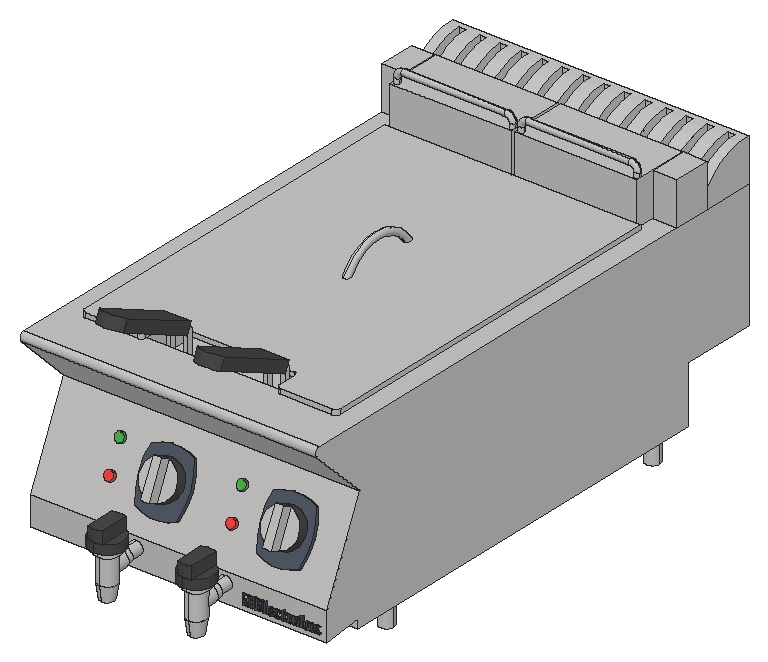
Revit family "QF_ELECTROLUXPROFESSIONAL_371074_E7FRED2A00", category Specialty Equipment, Revit 2018 (continued)
Automatic sketch dimensions
  plane 5 "FRONT" to Extrusion 42 sketch curve = 1.377 mm  (x2)
  plane 4 "RIGHT" to Extrusion 42 sketch curve = 150.019 mm
  Extrusion 42 sketch curve to plane 1 "BACK" = 150.019 mm
  curve 120 to curve 121 = 0 mm  (x2)
  curve 122 to curve 123 = 0 mm  (x2)
  curve 82 to plane 4 "RIGHT" = 0 mm
  curve 124 to plane 3 "LEFT" = 0 mm
  curve 81 to plane 3 "LEFT" = 0 mm
  plane 1 "BACK" to curve 4 = 0 mm
  plane 4 "RIGHT" to curve 3 = 150.019 mm
  curve 12 to plane 4 "RIGHT" = 13.453 mm
  curve 12 to curve 14 = 9.296 mm
  plane 12 to curve 76 = 0.124 mm
  curve 76 to plane 4 "RIGHT" = 26.988 mm
  curve 76 to curve 89 = 4.762 mm
  plane 12 to curve 88 = 0.124 mm
  curve 76 to curve 88 = 6.35 mm
  curve 75 to curve 74 = 6.35 mm
  curve 86 to curve 137 = 4.26 mm
  plane 1 "BACK" to curve 60 = 6.761 mm
  curve 14 to curve 60 = 18.693 mm
  curve 60 to curve 63 = 9.296 mm
  plane 1 "BACK" to curve 56 = 6.761 mm
  curve 62 to curve 56 = 18.693 mm
  curve 56 to curve 58 = 9.296 mm
  plane 1 "BACK" to curve 52 = 6.761 mm
  curve 58 to curve 52 = 18.693 mm
  curve 75 to curve 73 = 69.85 mm
  curve 52 to curve 53 = 9.296 mm
  curve 73 to curve 72 = 6.35 mm
  plane 5 "FRONT" to curve 94 = 17.411 mm
  plane 7 "Center Y" to curve 94 = 84.555 mm
  curve 71 to curve 71 = 6.35 mm
  curve 94 to curve 123 = 2.624 mm
  curve 70 to curve 111 = 3.662 mm
  curve 111 to curve 112 = 5.857 mm
  plane 1 "BACK" to curve 48 = 6.761 mm
  curve 54 to curve 48 = 18.693 mm
  curve 123 to curve 129 = 8.805 mm
  plane 5 "FRONT" to curve 94 = 6.687 mm
  curve 115 to curve 94 = 18.617 mm
  curve 115 to plane 5 "FRONT" = 0.025 mm
  curve 115 to curve 94 = 0 mm
  curve 48 to curve 50 = 9.296 mm
  curve 129 to curve 123 = 9.626 mm
  curve 113 to curve 108 = 17.363 mm
  curve 122 to curve 128 = 9.626 mm
  curve 108 to curve 110 = 5.857 mm
  curve 128 to curve 122 = 6.458 mm
  curve 122 to curve 93 = 0.096 mm
  plane 1 "BACK" to curve 44 = 6.761 mm
  curve 50 to curve 44 = 18.693 mm
  curve 125 to curve 115 = 3.442 mm
  curve 115 to curve 94 = 3.442 mm
  curve 44 to curve 46 = 9.296 mm
  plane 1 "BACK" to curve 43 = 6.761 mm
  plane 7 "Center Y" to curve 43 = 18.642 mm
  curve 40 to curve 43 = 9.296 mm
  plane 7 "Center Y" to curve 135 = 5.848 mm
  plane 7 "Center Y" to curve 117 = 4.443 mm
  plane 7 "Center Y" to curve 86 = 1.587 mm
  curve 119 to plane 7 "Center Y" = 0.006 mm
  curve 84 to plane 7 "Center Y" = 1.588 mm
  curve 84 to curve 133 = 4.26 mm
  curve 37 to plane 7 "Center Y" = 9.346 mm
  curve 36 to curve 38 = 9.296 mm
  curve 37 to curve 33 = 18.693 mm
  curve 114 to plane 5 "FRONT" = 0.025 mm
  curve 114 to plane 7 "Center Y" = 43.878 mm
  curve 98 to curve 114 = 0 mm
  curve 32 to curve 34 = 9.296 mm
  curve 98 to curve 114 = 3.442 mm
  curve 95 to curve 126 = 0.205 mm
  curve 95 to curve 105 = 4.079 mm
  curve 126 to curve 120 = 9.626 mm
  curve 105 to curve 107 = 5.857 mm
  curve 33 to curve 28 = 18.693 mm
  plane 5 "FRONT" to curve 98 = 6.687 mm
  curve 114 to curve 98 = 18.617 mm
  curve 114 to curve 98 = 0 mm
  curve 120 to curve 127 = 9.626 mm
  curve 28 to curve 30 = 9.296 mm
  curve 106 to curve 102 = 17.363 mm
  curve 127 to curve 121 = 10.649 mm
  curve 102 to curve 103 = 5.857 mm
  curve 103 to curve 70 = 3.662 mm
  plane 5 "FRONT" to curve 114 = 10.698 mm
  curve 121 to curve 114 = 7.129 mm
  curve 69 to curve 68 = 6.35 mm
  curve 29 to curve 25 = 18.693 mm
  curve 67 to curve 67 = 6.35 mm
  curve 24 to curve 27 = 9.296 mm
  plane 1 "BACK" to curve 20 = 6.761 mm
  curve 26 to curve 20 = 18.693 mm
  curve 20 to curve 22 = 9.296 mm
  curve 21 to curve 16 = 18.693 mm
  curve 16 to curve 19 = 9.296 mm
  curve 130 to plane 12 = 10.711 mm
  plane 3 "LEFT" to curve 130 = 37.598 mm
  curve 17 to curve 83 = 8.104 mm
  plane 3 "LEFT" to curve 65 = 33.338 mm
  curve 83 to curve 80 = 1.588 mm
  curve 83 to curve 77 = 6.35 mm
  curve 79 to curve 9 = 9.001 mm
  curve 8 to curve 10 = 9.296 mm
  plane 5 "FRONT" to curve 1 = 1.377 mm
  curve 1 to plane 3 "LEFT" = 150.019 mm
  curve 1 to plane 1 "BACK" = 150.019 mm
  plane 1 "BACK" to curve 8 = 6.761 mm
  plane 1 "BACK" to curve 12 = 6.761 mm
  plane 1 "BACK" to curve 16 = 6.761 mm
  plane 1 "BACK" to curve 24 = 6.761 mm
  plane 1 "BACK" to curve 39 = 6.761 mm
  plane 1 "BACK" to curve 28 = 6.761 mm
  plane 1 "BACK" to curve 35 = 6.761 mm
  curve 32 to curve 33 = 57.15 mm
  curve 30 to curve 33 = 0 mm
  curve 32 to curve 36 = 0 mm
  curve 26 to curve 29 = 0 mm
  curve 36 to curve 40 = 0 mm
  curve 22 to curve 25 = 0 mm
  curve 40 to curve 44 = 0 mm
  curve 18 to curve 21 = 0 mm
  curve 44 to curve 48 = 0 mm
  curve 14 to curve 14 = 57.15 mm
  curve 48 to curve 52 = 0 mm
  curve 10 to curve 17 = 0 mm
  curve 52 to curve 56 = 0 mm
  curve 56 to curve 62 = 0 mm
  curve 13 to curve 89 = 5.939 mm
  curve 79 to curve 83 = 0 mm
  curve 78 to curve 130 = 16.277 mm
  curve 89 to plane 12 = 26.988 mm
  curve 134 to plane 12 = 10.711 mm
  curve 132 to plane 12 = 3.056 mm
  curve 137 to plane 12 = 3.056 mm
  curve 87 to curve 84 = 0 mm
  plane 8 "Center X" to curve 119 = 38.031 mm
  curve 118 to plane 8 "Center X" = 63.432 mm
  plane 11 to curve 70 = 26.127 mm
  curve 70 to curve 106 = 3.174 mm
  curve 70 to curve 104 = 3.174 mm
  plane 11 to curve 109 = 29.302 mm
  curve 70 to curve 111 = 3.174 mm
  curve 71 to curve 92 = 3.087 mm
  curve 106 to curve 107 = 6.263 mm
  curve 96 to curve 68 = 22.313 mm
  curve 91 to curve 100 = 22.313 mm
  curve 92 to curve 99 = 22.313 mm
  curve 7 to plane 5 "FRONT" = 0.483 mm
  curve 124 to plane 5 "FRONT" = 0.483 mm
  curve 125 to plane 5 "FRONT" = 0.483 mm
  plane 5 "FRONT" to curve 3 = 1.377 mm
  curve 115 to curve 91 = 6.713 mm
  curve 114 to curve 120 = 2.264 mm
  curve 120 to curve 98 = 4.449 mm
  curve 93 to curve 122 = 0.136 mm
  curve 98 to curve 126 = 0.138 mm
  curve 122 to curve 128 = 7.209 mm
  curve 123 to curve 129 = 5.031 mm
  curve 121 to curve 127 = 2.78 mm
  plane 9 "BASE" to Extrusion 43 sketch curve = 9.251 mm
  plane 9 "BASE" to Extrusion 43 sketch curve = 14.292 mm
  plane 9 "BASE" to Extrusion 43 sketch curve = 14.311 mm
  Extrusion 43 sketch curve to Extrusion 43 sketch curve = 0 mm  (x28)
  Extrusion 43 sketch curve to Extrusion 43 sketch curve = 5.108 mm  (x2)
  Extrusion 43 sketch curve to Extrusion 43 sketch curve = 0.054 mm
  Extrusion 43 sketch curve to Extrusion 43 sketch curve = 0.218 mm
  Extrusion 43 sketch curve to Extrusion 43 sketch curve = 0.195 mm
  Extrusion 43 sketch curve to Extrusion 43 sketch curve = 0.249 mm
  plane 9 "BASE" to Extrusion 43 sketch curve = 14.608 mm
  Extrusion 43 sketch curve to Extrusion 43 sketch curve = 0.087 mm
  Extrusion 43 sketch curve to Extrusion 43 sketch curve = 0.358 mm
  Extrusion 43 sketch curve to Extrusion 43 sketch curve = 0.481 mm
  Extrusion 43 sketch curve to Extrusion 43 sketch curve = 0.597 mm
  Extrusion 43 sketch curve to Extrusion 43 sketch curve = 0.544 mm
  Extrusion 43 sketch curve to Extrusion 43 sketch curve = 0.936 mm
  Extrusion 43 sketch curve to Extrusion 43 sketch curve = 0.594 mm
  Extrusion 43 sketch curve to Extrusion 43 sketch curve = 0.343 mm
  Extrusion 43 sketch curve to Extrusion 43 sketch curve = 0.159 mm
  Extrusion 43 sketch curve to Extrusion 43 sketch curve = 0.826 mm
  Extrusion 43 sketch curve to Extrusion 43 sketch curve = 0.839 mm
  Extrusion 43 sketch curve to Extrusion 43 sketch curve = 0.852 mm
  Extrusion 43 sketch curve to Extrusion 43 sketch curve = 0.887 mm
  Extrusion 43 sketch curve to Extrusion 43 sketch curve = 0.928 mm
  Extrusion 43 sketch curve to Extrusion 43 sketch curve = 0.938 mm
  Extrusion 43 sketch curve to Extrusion 43 sketch curve = 0.444 mm
  Extrusion 43 sketch curve to Extrusion 43 sketch curve = 1.11 mm  (x3)
  Extrusion 43 sketch curve to Extrusion 43 sketch curve = 0.215 mm
  Extrusion 43 sketch curve to Extrusion 43 sketch curve = 1.43 mm
  Extrusion 43 sketch curve to Extrusion 43 sketch curve = 1.188 mm
  Extrusion 43 sketch curve to Extrusion 43 sketch curve = 1.21 mm  (x2)
  Extrusion 43 sketch curve to Extrusion 43 sketch curve = 0.503 mm
  Extrusion 43 sketch curve to Extrusion 43 sketch curve = 0.488 mm
  Extrusion 43 sketch curve to plane 4 "RIGHT" = 8.187 mm
  Extrusion 43 sketch curve to Extrusion 43 sketch curve = 0.462 mm
  Extrusion 43 sketch curve to Extrusion 43 sketch curve = 1.386 mm
  Extrusion 43 sketch curve to Extrusion 43 sketch curve = 1.742 mm
  Extrusion 43 sketch curve to Extrusion 43 sketch curve = 0.821 mm
  Extrusion 43 sketch curve to Extrusion 43 sketch curve = 0.497 mm
  Extrusion 43 sketch curve to Extrusion 43 sketch curve = 0.539 mm
  Extrusion 43 sketch curve to Extrusion 43 sketch curve = 0.686 mm
  Extrusion 43 sketch curve to Extrusion 43 sketch curve = 0.408 mm
  Extrusion 43 sketch curve to Extrusion 43 sketch curve = 0.743 mm
  Extrusion 43 sketch curve to Extrusion 43 sketch curve = 1.16 mm
  Extrusion 43 sketch curve to Extrusion 43 sketch curve = 0.329 mm
  Extrusion 43 sketch curve to Extrusion 43 sketch curve = 1.054 mm
  Extrusion 43 sketch curve to Extrusion 43 sketch curve = 1.056 mm
  Extrusion 43 sketch curve to Extrusion 43 sketch curve = 0.129 mm
  Extrusion 43 sketch curve to Extrusion 43 sketch curve = 0.489 mm
  Extrusion 43 sketch curve to Extrusion 43 sketch curve = 0.441 mm
  Extrusion 43 sketch curve to Extrusion 43 sketch curve = 1.151 mm
  Extrusion 43 sketch curve to Extrusion 43 sketch curve = 1.141 mm  (x2)
  Extrusion 43 sketch curve to Extrusion 43 sketch curve = 0.768 mm
  Extrusion 43 sketch curve to Extrusion 43 sketch curve = 1.653 mm
  Extrusion 43 sketch curve to Extrusion 43 sketch curve = 0.499 mm
  Extrusion 43 sketch curve to Extrusion 43 sketch curve = 0.964 mm
  Extrusion 43 sketch curve to Extrusion 43 sketch curve = 0.949 mm
  Extrusion 43 sketch curve to Extrusion 43 sketch curve = 1.345 mm  (x3)
  Extrusion 43 sketch curve to Extrusion 43 sketch curve = 1.101 mm
  Extrusion 43 sketch curve to Extrusion 43 sketch curve = 0.432 mm
  Extrusion 43 sketch curve to Extrusion 43 sketch curve = 1.142 mm
  Extrusion 43 sketch curve to Extrusion 43 sketch curve = 0.959 mm
  Extrusion 43 sketch curve to Extrusion 43 sketch curve = 0.176 mm
  Extrusion 43 sketch curve to Extrusion 43 sketch curve = 0.728 mm
  Extrusion 43 sketch curve to Extrusion 43 sketch curve = 3.375 mm  (x2)
  Extrusion 43 sketch curve to Extrusion 43 sketch curve = 0.541 mm
  Extrusion 43 sketch curve to Extrusion 43 sketch curve = 0.955 mm
  Extrusion 43 sketch curve to Extrusion 43 sketch curve = 1.251 mm
  Extrusion 43 sketch curve to Extrusion 43 sketch curve = 0.572 mm
  Extrusion 43 sketch curve to Extrusion 43 sketch curve = 1.92 mm
  Extrusion 43 sketch curve to Extrusion 43 sketch curve = 1.224 mm
  Extrusion 43 sketch curve to Extrusion 43 sketch curve = 0.745 mm
  Extrusion 43 sketch curve to Extrusion 43 sketch curve = 2.537 mm
  Extrusion 43 sketch curve to Extrusion 43 sketch curve = 0.896 mm  (x3)
  Extrusion 43 sketch curve to Extrusion 43 sketch curve = 0.036 mm
  Extrusion 43 sketch curve to Extrusion 43 sketch curve = 2.607 mm
  Extrusion 43 sketch curve to Extrusion 43 sketch curve = 0.066 mm
  Extrusion 43 sketch curve to Extrusion 43 sketch curve = 0.248 mm
  Extrusion 43 sketch curve to Extrusion 43 sketch curve = 0.449 mm
  Extrusion 43 sketch curve to Extrusion 43 sketch curve = 1.052 mm
  Extrusion 43 sketch curve to Extrusion 43 sketch curve = 1.863 mm
  Extrusion 43 sketch curve to Extrusion 43 sketch curve = 1.31 mm  (x2)
  Extrusion 43 sketch curve to Extrusion 43 sketch curve = 0.901 mm
  Extrusion 43 sketch curve to Extrusion 43 sketch curve = 1.107 mm
  Extrusion 43 sketch curve to Extrusion 43 sketch curve = 2.122 mm
  Extrusion 43 sketch curve to Extrusion 43 sketch curve = 2.101 mm
  Extrusion 43 sketch curve to Extrusion 43 sketch curve = 0.106 mm
  Extrusion 43 sketch curve to Extrusion 43 sketch curve = 0.029 mm
  Extrusion 43 sketch curve to Extrusion 43 sketch curve = 2.09 mm
  Extrusion 43 sketch curve to Extrusion 43 sketch curve = 1.279 mm
  Extrusion 43 sketch curve to Extrusion 43 sketch curve = 2.008 mm
  Extrusion 43 sketch curve to Extrusion 43 sketch curve = 0.738 mm
  Extrusion 43 sketch curve to Extrusion 43 sketch curve = 0.382 mm
  Extrusion 43 sketch curve to Extrusion 43 sketch curve = 0.384 mm
  Extrusion 43 sketch curve to Extrusion 43 sketch curve = 0.002 mm
  Extrusion 43 sketch curve to Extrusion 43 sketch curve = 0.561 mm
  Extrusion 43 sketch curve to Extrusion 43 sketch curve = 0.592 mm
  Extrusion 43 sketch curve to Extrusion 43 sketch curve = 2.692 mm
  Extrusion 43 sketch curve to Extrusion 43 sketch curve = 1.259 mm
  Extrusion 43 sketch curve to Extrusion 43 sketch curve = 0.802 mm
  Extrusion 43 sketch curve to Extrusion 43 sketch curve = 1.024 mm  (x2)
  Extrusion 43 sketch curve to Extrusion 43 sketch curve = 0.682 mm
  Extrusion 43 sketch curve to Extrusion 43 sketch curve = 5.934 mm
  Extrusion 43 sketch curve to Extrusion 43 sketch curve = 2.186 mm
  Extrusion 43 sketch curve to Extrusion 43 sketch curve = 0.337 mm
  Extrusion 43 sketch curve to Extrusion 43 sketch curve = 0.021 mm
  Extrusion 43 sketch curve to Extrusion 43 sketch curve = 1.005 mm
  Extrusion 43 sketch curve to Extrusion 43 sketch curve = 0.552 mm
  Extrusion 43 sketch curve to Extrusion 43 sketch curve = 0.778 mm
  Extrusion 43 sketch curve to Extrusion 43 sketch curve = 0.063 mm
  Extrusion 43 sketch curve to Extrusion 43 sketch curve = 1.023 mm
  Extrusion 43 sketch curve to Extrusion 43 sketch curve = 3.804 mm
  Extrusion 43 sketch curve to Extrusion 43 sketch curve = 0.486 mm
  Extrusion 43 sketch curve to Extrusion 43 sketch curve = 0.266 mm
  Extrusion 43 sketch curve to Extrusion 43 sketch curve = 1.547 mm
  Extrusion 43 sketch curve to Extrusion 43 sketch curve = 0.717 mm  (x2)
  Extrusion 43 sketch curve to Extrusion 43 sketch curve = 1.667 mm
  Extrusion 43 sketch curve to Extrusion 43 sketch curve = 3.174 mm
  Extrusion 43 sketch curve to Extrusion 43 sketch curve = 0.388 mm
  Extrusion 43 sketch curve to Extrusion 43 sketch curve = 1.342 mm
  Extrusion 43 sketch curve to plane 4 "RIGHT" = 10.974 mm
  Extrusion 43 sketch curve to Extrusion 43 sketch curve = 1.521 mm
  Extrusion 43 sketch curve to plane 4 "RIGHT" = 9.415 mm
  Extrusion 43 sketch curve to Extrusion 43 sketch curve = 0.124 mm
  Extrusion 43 sketch curve to Extrusion 43 sketch curve = 0.291 mm
  Extrusion 43 sketch curve to Extrusion 43 sketch curve = 1.049 mm  (x2)
  Extrusion 43 sketch curve to Extrusion 43 sketch curve = 1.7 mm
  Extrusion 43 sketch curve to Extrusion 43 sketch curve = 0.894 mm
  Extrusion 43 sketch curve to Extrusion 43 sketch curve = 0.989 mm
  Extrusion 43 sketch curve to Extrusion 43 sketch curve = 1.168 mm
  Extrusion 43 sketch curve to Extrusion 43 sketch curve = 1.594 mm
  Extrusion 43 sketch curve to Extrusion 43 sketch curve = 0.731 mm
  Extrusion 43 sketch curve to Extrusion 43 sketch curve = 1.566 mm
  Extrusion 43 sketch curve to Extrusion 43 sketch curve = 0.064 mm
  Extrusion 43 sketch curve to Extrusion 43 sketch curve = 0.556 mm  (x2)
  Extrusion 43 sketch curve to Extrusion 43 sketch curve = 0.48 mm
  Extrusion 43 sketch curve to Extrusion 43 sketch curve = 1.018 mm
  Extrusion 43 sketch curve to Extrusion 43 sketch curve = 0.787 mm
  Extrusion 43 sketch curve to Extrusion 43 sketch curve = 0.618 mm
  Extrusion 43 sketch curve to Extrusion 43 sketch curve = 1.672 mm
  Extrusion 43 sketch curve to plane 4 "RIGHT" = 7.673 mm
  Extrusion 43 sketch curve to Extrusion 43 sketch curve = 1.361 mm
  Extrusion 43 sketch curve to Extrusion 43 sketch curve = 0.822 mm
  Extrusion 43 sketch curve to Extrusion 43 sketch curve = 0.069 mm
  Extrusion 43 sketch curve to Extrusion 43 sketch curve = 1.88 mm
  Extrusion 43 sketch curve to Extrusion 43 sketch curve = 0.42 mm
  Extrusion 43 sketch curve to Extrusion 43 sketch curve = 0.062 mm
  Extrusion 43 sketch curve to Extrusion 43 sketch curve = 1.355 mm
  Extrusion 43 sketch curve to Extrusion 43 sketch curve = 2.34 mm
  Extrusion 43 sketch curve to Extrusion 43 sketch curve = 0.493 mm
  Extrusion 43 sketch curve to Extrusion 43 sketch curve = 0.136 mm
  Extrusion 43 sketch curve to Extrusion 43 sketch curve = 0.128 mm
  Extrusion 43 sketch curve to Extrusion 43 sketch curve = 3.616 mm
  Extrusion 43 sketch curve to Extrusion 43 sketch curve = 4.207 mm
  Extrusion 43 sketch curve to Extrusion 43 sketch curve = 0.183 mm
  Extrusion 43 sketch curve to Extrusion 43 sketch curve = 0.895 mm
  Extrusion 43 sketch curve to Extrusion 43 sketch curve = 1.314 mm
  Extrusion 43 sketch curve to Extrusion 43 sketch curve = 3.231 mm
  Extrusion 43 sketch curve to Extrusion 43 sketch curve = 1.299 mm
  Extrusion 43 sketch curve to Extrusion 43 sketch curve = 1.214 mm
  Extrusion 43 sketch curve to Extrusion 43 sketch curve = 1.264 mm
  Extrusion 43 sketch curve to Extrusion 43 sketch curve = 0.109 mm
  Extrusion 43 sketch curve to Extrusion 43 sketch curve = 0.357 mm
  Extrusion 43 sketch curve to Extrusion 43 sketch curve = 0.565 mm
  Extrusion 43 sketch curve to Extrusion 43 sketch curve = 2.504 mm
  Extrusion 43 sketch curve to Extrusion 43 sketch curve = 2.459 mm
  Extrusion 43 sketch curve to Extrusion 43 sketch curve = 0.983 mm
  Extrusion 43 sketch curve to Extrusion 43 sketch curve = 0.422 mm  (x2)
  Extrusion 43 sketch curve to Extrusion 43 sketch curve = 0.494 mm
  Extrusion 43 sketch curve to Extrusion 43 sketch curve = 3.927 mm
  Extrusion 43 sketch curve to Extrusion 43 sketch curve = 0.782 mm
  Extrusion 43 sketch curve to Extrusion 43 sketch curve = 1.268 mm
  Extrusion 43 sketch curve to Extrusion 43 sketch curve = 0.671 mm
  Extrusion 43 sketch curve to Extrusion 43 sketch curve = 0.777 mm
  Extrusion 43 sketch curve to Extrusion 43 sketch curve = 0.704 mm
  Extrusion 43 sketch curve to Extrusion 43 sketch curve = 0.781 mm  (x2)
  Extrusion 43 sketch curve to Extrusion 43 sketch curve = 1.634 mm
  Extrusion 43 sketch curve to Extrusion 43 sketch curve = 0.132 mm
  Extrusion 43 sketch curve to Extrusion 43 sketch curve = 3.136 mm
  Extrusion 43 sketch curve to Extrusion 43 sketch curve = 2.422 mm
  Extrusion 43 sketch curve to Extrusion 43 sketch curve = 0.586 mm
  Extrusion 43 sketch curve to Extrusion 43 sketch curve = 2.046 mm  (x2)
  Extrusion 43 sketch curve to Extrusion 43 sketch curve = 1.241 mm
  Extrusion 43 sketch curve to Extrusion 43 sketch curve = 1.689 mm
  Extrusion 43 sketch curve to Extrusion 43 sketch curve = 2.859 mm
  Extrusion 43 sketch curve to Extrusion 43 sketch curve = 0.627 mm
  Extrusion 43 sketch curve to Extrusion 43 sketch curve = 0.863 mm
  Extrusion 43 sketch curve to Extrusion 43 sketch curve = 0.419 mm
  Extrusion 43 sketch curve to Extrusion 43 sketch curve = 1.514 mm
  Extrusion 43 sketch curve to Extrusion 43 sketch curve = 1.019 mm
  Extrusion 43 sketch curve to Extrusion 43 sketch curve = 0.065 mm
  Extrusion 43 sketch curve to Extrusion 43 sketch curve = 1.215 mm
  Extrusion 43 sketch curve to Extrusion 43 sketch curve = 2.708 mm
  Extrusion 43 sketch curve to Extrusion 43 sketch curve = 1.122 mm
  Extrusion 43 sketch curve to Extrusion 43 sketch curve = 1.153 mm
  Extrusion 43 sketch curve to Extrusion 43 sketch curve = 3.009 mm
  Extrusion 43 sketch curve to Extrusion 43 sketch curve = 0.829 mm  (x2)
  Extrusion 43 sketch curve to Extrusion 43 sketch curve = 0.934 mm
  Extrusion 43 sketch curve to Extrusion 43 sketch curve = 3.376 mm
  Extrusion 43 sketch curve to Extrusion 43 sketch curve = 0.222 mm
  Extrusion 43 sketch curve to Extrusion 43 sketch curve = 1.383 mm
  Extrusion 43 sketch curve to Extrusion 43 sketch curve = 1.556 mm
  Extrusion 43 sketch curve to Extrusion 43 sketch curve = 2.559 mm
  Extrusion 43 sketch curve to Extrusion 43 sketch curve = 2.51 mm
  Extrusion 43 sketch curve to Extrusion 43 sketch curve = 0.131 mm
  Extrusion 43 sketch curve to Extrusion 43 sketch curve = 1.717 mm
  Extrusion 43 sketch curve to Extrusion 43 sketch curve = 1.134 mm
  Extrusion 43 sketch curve to Extrusion 43 sketch curve = 0.366 mm
  Extrusion 43 sketch curve to Extrusion 43 sketch curve = 0.094 mm
  Extrusion 43 sketch curve to Extrusion 43 sketch curve = 1.584 mm
  Extrusion 43 sketch curve to Extrusion 43 sketch curve = 1.501 mm
  Extrusion 43 sketch curve to Extrusion 43 sketch curve = 0.27 mm
  Extrusion 43 sketch curve to Extrusion 43 sketch curve = 1.808 mm
  Extrusion 43 sketch curve to Extrusion 43 sketch curve = 0.643 mm
  Extrusion 43 sketch curve to Extrusion 43 sketch curve = 0.916 mm
  Extrusion 43 sketch curve to Extrusion 43 sketch curve = 0.352 mm
  Extrusion 43 sketch curve to Extrusion 43 sketch curve = 0.458 mm
  Extrusion 43 sketch curve to Extrusion 43 sketch curve = 1.282 mm
  Extrusion 43 sketch curve to Extrusion 43 sketch curve = 1.363 mm
  Extrusion 43 sketch curve to Extrusion 43 sketch curve = 0.685 mm
  Extrusion 43 sketch curve to Extrusion 43 sketch curve = 0.905 mm
  Extrusion 43 sketch curve to Extrusion 43 sketch curve = 2.865 mm
  Extrusion 43 sketch curve to Extrusion 43 sketch curve = 0.472 mm
  Extrusion 43 sketch curve to Extrusion 43 sketch curve = 0.101 mm
  Extrusion 43 sketch curve to Extrusion 43 sketch curve = 0.54 mm
  Extrusion 43 sketch curve to Extrusion 43 sketch curve = 0.02 mm
  Extrusion 43 sketch curve to Extrusion 43 sketch curve = 0.468 mm
  Extrusion 43 sketch curve to Extrusion 43 sketch curve = 0.582 mm
  Extrusion 43 sketch curve to Extrusion 43 sketch curve = 0.166 mm
  Extrusion 43 sketch curve to Extrusion 43 sketch curve = 0.16 mm
  Extrusion 43 sketch curve to Extrusion 43 sketch curve = 2.781 mm
  Extrusion 43 sketch curve to Extrusion 43 sketch curve = 1.118 mm
  Extrusion 43 sketch curve to Extrusion 43 sketch curve = 0.613 mm
  Extrusion 43 sketch curve to Extrusion 43 sketch curve = 0.361 mm
  Extrusion 43 sketch curve to Extrusion 43 sketch curve = 0.897 mm
  Extrusion 43 sketch curve to Extrusion 43 sketch curve = 0.167 mm
  Extrusion 43 sketch curve to Extrusion 43 sketch curve = 0.292 mm
  Extrusion 43 sketch curve to Extrusion 43 sketch curve = 0.305 mm
  Extrusion 43 sketch curve to Extrusion 43 sketch curve = 1.557 mm
  Extrusion 43 sketch curve to Extrusion 43 sketch curve = 2.499 mm
  Extrusion 43 sketch curve to Extrusion 43 sketch curve = 3.062 mm
  Extrusion 43 sketch curve to Extrusion 43 sketch curve = 2.968 mm
  Extrusion 43 sketch curve to Extrusion 43 sketch curve = 5.044 mm
  Extrusion 43 sketch curve to Extrusion 43 sketch curve = 0.629 mm  (x2)
  Extrusion 43 sketch curve to Extrusion 43 sketch curve = 1.131 mm
  Extrusion 43 sketch curve to Extrusion 43 sketch curve = 0.137 mm
  Extrusion 43 sketch curve to Extrusion 43 sketch curve = 0.027 mm
  Extrusion 43 sketch curve to Extrusion 43 sketch curve = 2.235 mm
  radius of Sweep 7 sketch curve = 4.353 mm
  radius of Sweep 8 sketch curve = 3.827 mm
  radius of Sweep 9 sketch curve = 3.827 mm
  radius of Extrusion 24 sketch curve = 9.525 mm  (x4)
  radius of Extrusion 32 sketch curve = 25.4 mm  (x2)
  radius of Extrusion 33 sketch curve to Extrusion 32 = 0 mm  (x4)
  radius of Extrusion 34 sketch curve = 6.35 mm  (x2)
  radius of Extrusion 35 sketch curve = 6.35 mm  (x2)
  radius of Extrusion 40 sketch curve to Revolve 36 = 0 mm  (x2)
  radius of Extrusion 41 sketch curve = 12.7 mm
Connectors
  electrical at (62.029, -88.9, 59.306), driven by "Volts", driven by "Watts"
    settings: on Extrusion 41, index 1, voltage 400 V, apparent load 9000 VA, apparent load phase1 0 VA, apparent load phase2 0 VA, apparent load phase3 0 VA, power factor 1, load classification "Other", number of poles 1, system type 30, power factor state 1, is connector primary yes, connector utility no, sub classification motor no, connector description "Electrical Connection"
